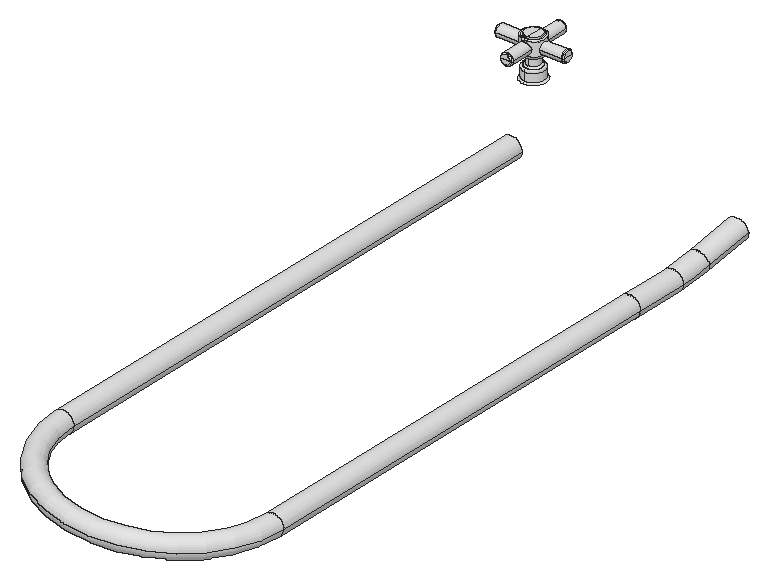
Revit family "Deca_Ducha higiênica com registro e derivação_Izy_1984.37.ACT", category Plumbing Fixtures, host Face, Revit 2020
Family settings
  Host = Face
  Round Connector Dimension = Use Radius
  Part Type = Normal
  Cut with Voids When Loaded = No
  Shared = No
  Room Calculation Point = No
Parameters (values of type "1984.C37.ACT.BR_Cromado")
  Vazão na Pressão mín. (L/min) = "5"
  Vazão na Pressão máx. (L/min) = "15"
  URL = "www.deca.com.br"
  Tipo de rosca de saída = ""
  Tipo de rosca de entrada = "BSP NBR 8133"
  Tipo de mecanismo utilizado = "MVC -1/4 volta"
  Tipo de dispositivo economizador = "Sim"
  Segmento = "Banheiro Médio (D42)"
  Saída de Esgoto = ""
  Raio Água Fria Saída = 0.0075 m  # constant formula
  Raio Água Fria = 0.0075 m  # constant formula
  Pressão mín. funcionamento = "2"
  Pressão mín. Aquec. Passagem = ""
  Pressão mín. Aquec. Acúmulo = ""
  Pressão máx. funcionamento = "40"
  Peso Líquido (Kg) = 0.764
  Norma = "NBR14877"
  Model = "1984.C37.ACT.BR"
  Material Secundário = Deca_Branco
  Material = Deca_Cromado
  Manufacturer = "DECA"
  Linha = "Izy"
  Itens de Instalação = ""
  Informações Complementares = ""
  Default Elevation = 0.70 m
  Diâmetro Água Fria Saída = 2 * Raio Água Fria Saída  # 0.015 m
  Diâmetro Água Fria = 2 * Raio Água Fria  # 0.015 m
  Código Pai = "1984.37.ACT"
  Criado por = "quattroD"
  Cores Componente = ""
  Cor Secundária = "Branco"
  Cor Principal = "Cromado"
  Cor Interna = ""
  Consumo = "Otimização do jato de água"
  Composição Componente = ""
  Composição Básica = "Liga de Cobre (bronze e latão);Plásticos de Engenharia;Elastômeros"
  Composição Assento = ""
  Composição Anel Vedação = ""
  Categoria = "Chuveiros e duchas"
  Atendimento ao Cliente = "0800-0117073"
  Aprovado por = "quattroD"
  Acompanha o Produto = ""
Reference planes (m)
  plane 1 "Center (Front/Back)": y = 0
  plane 2: z = 0
  plane 3 "Center (Left/Right)": x = 0
Forms (m)
  Sweep 1, solid, material "Deca_Cromado" <- "Material"
    path origin (-0.000038, -0.693563, 0.035002) x (0, -1, 0) y (0.996114, 0, -0.088068)
      loop
        line (-0.667097, 0.000001) -> (-0.134541, 0.000001)
        arc (-0.134541, 0.000001) -> (-0.034362, 0.10018) -> (-0.134541, 0.20036) r 0.100179
        line (-0.134541, 0.20036) -> (-0.558206, 0.20036)
    profile origin (-0.000036, -0.292744, 0.035002) x (0.996114, 0, -0.088068) y (0.088068, 0, 0.996114)
      loop
        circle (0, 0) r 0.01
  Sweep 2, solid, material "Deca_Cromado" <- "Material"
    path origin (0.304302, 0.091519, 1.199797) x (0, 1, 0) y (0.088068, 0, 0.996114)
      loop
        arc (-0.227488, -1.187053) -> (-0.201466, -1.187558) -> (-0.175441, -1.187438) r 1.082918
        arc (-0.175441, -1.187438) -> (-0.160125, -1.186443) -> (-0.144977, -1.183979) r 0.159273
        line (-0.144977, -1.183979) -> (-0.099363, -1.175937)
    profile origin (0.199716, -0.109948, 0.016853) x (0.088065, 0.007391, 0.996087) y (0.996114, 0, -0.088068)
      loop
        spline (-0.000077, -0.010216) -> (0.002481, -0.009876) -> (0.004864, -0.008877) -> (0.00691, -0.007287) -> (0.008481, -0.005216) -> (0.009468, -0.002805) -> (0.009804, -0.000216) -> (0.009468, 0.002372) -> (0.008481, 0.004784) -> (0.00691, 0.006855) -> (0.004864, 0.008444) -> (0.002481, 0.009443) -> (-0.000077, 0.009784)
        spline (-0.000077, 0.009784) -> (-0.002634, 0.009443) -> (-0.005017, 0.008444) -> (-0.007064, 0.006855) -> (-0.008634, 0.004784) -> (-0.009621, 0.002372) -> (-0.009958, -0.000216) -> (-0.009621, -0.002805) -> (-0.008634, -0.005216) -> (-0.007064, -0.007287) -> (-0.005017, -0.008877) -> (-0.002634, -0.009876) -> (-0.000077, -0.010216)
  Revolve 3, solid, material "Deca_Cromado" <- "Material"
    sketch origin (0, 0, 0) x (0, 1, 0) y (0, 0, 1)
      loop
        line (-0.008822, 0.104279) -> (-0.006129, 0.104279) -> (-0.006129, 0.096143)
        arc (-0.006129, 0.096143) -> (-0.006503, 0.094877) -> (-0.007583, 0.09412) r 0.002
        line (-0.007583, 0.09412) -> (-0.008662, 0.094044)
        arc (-0.008662, 0.094044) -> (-0.009792, 0.09353) -> (-0.010148, 0.09234) r 0.0015
        line (-0.010148, 0.09234) -> (-0.010148, 0.084538)
        arc (-0.010148, 0.084538) -> (-0.010631, 0.083371) -> (-0.011798, 0.082887) r 0.001651
        line (-0.011798, 0.082887) -> (0, 0.082887) -> (0, 0.121211) -> (-0.008103, 0.121211) -> (-0.008103, 0.12021) -> (-0.009961, 0.12021)
        arc (-0.009961, 0.12021) -> (-0.010666, 0.119918) -> (-0.010958, 0.119213) r 0.000998
        line (-0.010958, 0.119213) -> (-0.010958, 0.106315)
        arc (-0.010958, 0.106315) -> (-0.010338, 0.104827) -> (-0.008822, 0.104279) r 0.002
      axis (0, 0.121211) -> (0, 0.082887)
    angle from 0 to 360
  Revolve 4, solid, material "Deca_Cromado" <- "Material"
    sketch origin (0, 0, 0.112221) x (-1, 0, 0) y (0, -1, 0)
      loop
        line (0.032876, -0.004479) -> (0.032876, 0) -> (-0.032876, 0) -> (-0.032876, -0.004479) -> (-0.031951, -0.005246)
        arc (-0.031951, -0.005246) -> (-0.031604, -0.005444) -> (-0.03121, -0.005513) r 0.00116
        line (-0.03121, -0.005513) -> (0.03121, -0.005513)
        arc (0.03121, -0.005513) -> (0.031604, -0.005444) -> (0.031951, -0.005246) r 0.00116
        line (0.031951, -0.005246) -> (0.032876, -0.004479)
      axis (0.032876, 0) -> (-0.032876, 0)
    angle from 0 to 360
  Revolve 5, solid, material "Deca_Cromado" <- "Material"
    sketch origin (0, 0, 0.112221) x (0, 1, 0) y (-1, 0, 0)
      loop
        line (0.032876, -0.004479) -> (0.032876, 0) -> (-0.032876, 0) -> (-0.032876, -0.004479) -> (-0.031951, -0.005246)
        arc (-0.031951, -0.005246) -> (-0.031604, -0.005444) -> (-0.03121, -0.005513) r 0.00116
        line (-0.03121, -0.005513) -> (0.03121, -0.005513)
        arc (0.03121, -0.005513) -> (0.031604, -0.005444) -> (0.031951, -0.005246) r 0.00116
        line (0.031951, -0.005246) -> (0.032876, -0.004479)
      axis (0.032876, 0) -> (-0.032876, 0)
    angle from 0 to 360
Cuts and joins
  joined: Revolve 3, Revolve 4, Revolve 5
Lines and regions (m)
  Masking region 1
    outline origin (-1.329759, -0.90659, 0.027128) x (0, -1, 0) y (1, 0, 0)
      loop
        line (-0.872718, 1.322756) -> (-0.346268, 1.322756)
        arc (-0.346268, 1.322756) -> (-0.239282, 1.429742) -> (-0.346268, 1.536728) r 0.106986
        line (-0.346268, 1.536728) -> (-0.89859, 1.53673) -> (-0.89859, 1.546735) -> (-0.921226, 1.546735)
        arc (-0.921226, 1.546735) -> (-0.921808, 1.546548) -> (-0.922173, 1.546057) r 0.001
        arc (-0.922173, 1.546057) -> (-0.922781, 1.544144) -> (-0.923312, 1.542208) r 0.050752
        arc (-0.923312, 1.542208) -> (-0.92368, 1.542795) -> (-0.92422, 1.543229) r 0.002071
        line (-0.92422, 1.543229) -> (-0.958041, 1.541582) -> (-0.986034, 1.538272)
        arc (-0.986034, 1.538272) -> (-0.98829, 1.54047) -> (-0.991041, 1.542003) r 0.011964
        arc (-0.991041, 1.542003) -> (-0.992856, 1.54253) -> (-0.994738, 1.542707) r 0.010056
        line (-0.994738, 1.542707) -> (-1.007203, 1.542707)
        arc (-1.007203, 1.542707) -> (-1.01292, 1.541124) -> (-1.017477, 1.537324) r 0.014066
        arc (-1.017477, 1.537324) -> (-1.019818, 1.52983) -> (-1.017585, 1.522302) r 0.013479
        arc (-1.017585, 1.522302) -> (-1.012638, 1.518218) -> (-1.006392, 1.516755) r 0.014066
        line (-1.006392, 1.516755) -> (-0.994467, 1.516755)
        arc (-0.994467, 1.516755) -> (-0.992724, 1.516955) -> (-0.991041, 1.517455) r 0.010056
        arc (-0.991041, 1.517455) -> (-0.98829, 1.518989) -> (-0.986034, 1.521186) r 0.011964
        line (-0.986034, 1.521186) -> (-0.958041, 1.517877) -> (-0.924188, 1.516228)
        arc (-0.924188, 1.516228) -> (-0.923664, 1.516661) -> (-0.923308, 1.51724) r 0.002071
        arc (-0.923308, 1.51724) -> (-0.922778, 1.515313) -> (-0.922173, 1.513408) r 0.050752
        arc (-0.922173, 1.513408) -> (-0.921808, 1.512916) -> (-0.921226, 1.512729) r 0.001
        line (-0.921226, 1.512729) -> (-0.89859, 1.512729) -> (-0.89859, 1.522728) -> (-0.346268, 1.522728)
        arc (-0.346268, 1.522728) -> (-0.253293, 1.429753) -> (-0.346268, 1.336778) r 0.092975
        line (-0.346268, 1.336778) -> (-0.872718, 1.336778) -> (-0.872718, 1.322756)
  Masking region 2
    outline origin (-2.494916, -1.128949, 0) x (1, 0, 0) y (0, 1, 0)
      loop
        line (2.687885, 1.120949) -> (2.687885, 0.568627)
        arc (2.687885, 0.568627) -> (2.59491, 0.475652) -> (2.501935, 0.568627) r 0.092975
        line (2.501935, 0.568627) -> (2.501935, 1.095077) -> (2.505429, 1.095077)
        arc (2.505429, 1.095077) -> (2.506136, 1.09537) -> (2.506429, 1.096077) r 0.001
        line (2.506429, 1.096077) -> (2.506429, 1.101369)
        arc (2.506429, 1.101369) -> (2.518157, 1.11016) -> (2.524296, 1.12347) r 0.029887
        line (2.524296, 1.12347) -> (2.527787, 1.12347) -> (2.527787, 1.134429) -> (2.524296, 1.134429)
        arc (2.524296, 1.134429) -> (2.518379, 1.147462) -> (2.507079, 1.156249) r 0.029887
        line (2.507079, 1.156249) -> (2.507079, 1.163718) -> (2.482752, 1.163718) -> (2.482752, 1.156249)
        arc (2.482752, 1.156249) -> (2.471452, 1.147462) -> (2.465535, 1.134429) r 0.029887
        line (2.465535, 1.134429) -> (2.462044, 1.134429) -> (2.462044, 1.12347) -> (2.465535, 1.12347)
        arc (2.465535, 1.12347) -> (2.471674, 1.11016) -> (2.483402, 1.101369) r 0.029887
        line (2.483402, 1.101369) -> (2.483402, 1.096077)
        arc (2.483402, 1.096077) -> (2.483695, 1.09537) -> (2.484402, 1.095077) r 0.001
        line (2.484402, 1.095077) -> (2.487913, 1.095077) -> (2.487913, 0.568627)
        arc (2.487913, 0.568627) -> (2.594899, 0.461641) -> (2.701885, 0.568627) r 0.106986
        line (2.701885, 0.568627) -> (2.701887, 1.120949) -> (2.711892, 1.120949) -> (2.711892, 1.143585)
        arc (2.711892, 1.143585) -> (2.711705, 1.144168) -> (2.711214, 1.144532) r 0.001
        arc (2.711214, 1.144532) -> (2.709301, 1.14514) -> (2.707365, 1.145672) r 0.050752
        arc (2.707365, 1.145672) -> (2.707952, 1.146039) -> (2.708386, 1.146579) r 0.002071
        line (2.708386, 1.146579) -> (2.706739, 1.1804) -> (2.703429, 1.208393)
        arc (2.703429, 1.208393) -> (2.705627, 1.210649) -> (2.70716, 1.2134) r 0.011964
        arc (2.70716, 1.2134) -> (2.707686, 1.215215) -> (2.707864, 1.217097) r 0.010056
        line (2.707864, 1.217097) -> (2.707864, 1.229562)
        arc (2.707864, 1.229562) -> (2.706281, 1.23528) -> (2.702481, 1.239836) r 0.014066
        arc (2.702481, 1.239836) -> (2.694987, 1.242177) -> (2.687459, 1.239945) r 0.013479
        arc (2.687459, 1.239945) -> (2.683375, 1.234998) -> (2.681912, 1.228752) r 0.014066
        line (2.681912, 1.228752) -> (2.681912, 1.216827)
        arc (2.681912, 1.216827) -> (2.682112, 1.215083) -> (2.682612, 1.2134) r 0.010056
        arc (2.682612, 1.2134) -> (2.684145, 1.210649) -> (2.686343, 1.208393) r 0.011964
        line (2.686343, 1.208393) -> (2.683034, 1.1804) -> (2.681385, 1.146547)
        arc (2.681385, 1.146547) -> (2.681818, 1.146023) -> (2.682397, 1.145668) r 0.002071
        arc (2.682397, 1.145668) -> (2.68047, 1.145138) -> (2.678564, 1.144532) r 0.050752
        arc (2.678564, 1.144532) -> (2.678073, 1.144168) -> (2.677886, 1.143585) r 0.001
        line (2.677886, 1.143585) -> (2.677886, 1.120949) -> (2.687885, 1.120949)
  Masking region 3
    outline origin (0, 0.889897, -0.946899) x (0, 1, 0) y (0, 0, 1)
      loop
        line (-0.967929, 0.958595) -> (-0.917044, 0.964843) -> (-0.919998, 0.988899) -> (-1.459134, 0.988899)
        arc (-1.459134, 0.988899) -> (-1.494779, 0.987965) -> (-1.530326, 0.985168) r 0.681084
        arc (-1.530326, 0.985168) -> (-1.543124, 0.982447) -> (-1.555077, 0.977126) r 0.062585
        arc (-1.555077, 0.977126) -> (-1.55856, 0.969657) -> (-1.552733, 0.963829) r 0.007184
        arc (-1.552733, 0.963829) -> (-1.527922, 0.960342) -> (-1.502929, 0.958595) r 0.35895
        line (-1.502929, 0.958595) -> (-0.967929, 0.958595)
  Masking region 4
    outline origin (0, -3.08512, -1.113058) x (0, 1, 0) y (0, 0, 1)
      loop
        line (3.05502, 1.155058) -> (2.515884, 1.155058)
        arc (2.515884, 1.155058) -> (2.480239, 1.154125) -> (2.444691, 1.151327) r 0.681084
        arc (2.444691, 1.151327) -> (2.431893, 1.148607) -> (2.419941, 1.143285) r 0.062585
        arc (2.419941, 1.143285) -> (2.416458, 1.135816) -> (2.422285, 1.129989) r 0.007184
        arc (2.422285, 1.129989) -> (2.447096, 1.126502) -> (2.472089, 1.124754) r 0.35895
        line (2.472089, 1.124754) -> (3.007089, 1.124754) -> (3.070219, 1.132506)
        arc (3.070219, 1.132506) -> (3.070377, 1.131819) -> (3.070435, 1.131117) r 0.00489
        line (3.070435, 1.131117) -> (3.070435, 1.128511) -> (3.068328, 1.128139) -> (3.06653, 1.127101) -> (3.065452, 1.125816) -> (3.064614, 1.125511)
        arc (3.064614, 1.125511) -> (3.064231, 1.125435) -> (3.063906, 1.125218) r 0.001
        line (3.063906, 1.125218) -> (3.055819, 1.117131)
        arc (3.055819, 1.117131) -> (3.055382, 1.116473) -> (3.055233, 1.115697) r 0.002
        line (3.055233, 1.115697) -> (3.055233, 1.113058) -> (3.115007, 1.113058) -> (3.115007, 1.115716)
        arc (3.115007, 1.115716) -> (3.114855, 1.116482) -> (3.114421, 1.117131) r 0.002
        line (3.114421, 1.117131) -> (3.106334, 1.125218)
        arc (3.106334, 1.125218) -> (3.10601, 1.125435) -> (3.105627, 1.125511) r 0.001
        line (3.105627, 1.125511) -> (3.104789, 1.125816) -> (3.10371, 1.127101) -> (3.101913, 1.128139) -> (3.099805, 1.128511) -> (3.099805, 1.131069)
        arc (3.099805, 1.131069) -> (3.10072, 1.133915) -> (3.10312, 1.135698) r 0.004894
        line (3.10312, 1.135698) -> (3.10312, 1.137883) -> (3.104027, 1.138518) -> (3.105075, 1.132574) -> (3.138588, 1.140154) -> (3.161913, 1.147125) -> (3.172835, 1.123839) -> (3.174418, 1.122925) -> (3.173312, 1.122406) -> (3.176233, 1.118254) -> (3.198496, 1.128695) -> (3.197171, 1.133596) -> (3.196054, 1.133073) -> (3.196374, 1.13488) -> (3.189245, 1.150079)
        arc (3.189245, 1.150079) -> (3.189228, 1.150461) -> (3.189486, 1.150744) r 0.0005
        line (3.189486, 1.150744) -> (3.192105, 1.15197)
        arc (3.192105, 1.15197) -> (3.192364, 1.152253) -> (3.192346, 1.152635) r 0.0005
        line (3.192346, 1.152635) -> (3.188963, 1.159863)
        arc (3.188963, 1.159863) -> (3.188625, 1.160122) -> (3.188201, 1.160075) r 0.00057
        line (3.188201, 1.160075) -> (3.18567, 1.158895)
        arc (3.18567, 1.158895) -> (3.182508, 1.166381) -> (3.177895, 1.173071) r 0.0399
        arc (3.177895, 1.173071) -> (3.177134, 1.17371) -> (3.176207, 1.174066) r 0.003
        arc (3.176207, 1.174066) -> (3.171601, 1.174971) -> (3.166984, 1.175821) r 0.400338
        arc (3.166984, 1.175821) -> (3.148218, 1.178707) -> (3.129336, 1.180699) r 0.4
        line (3.129336, 1.180699) -> (3.128686, 1.178474)
        arc (3.128686, 1.178474) -> (3.128816, 1.17732) -> (3.12973, 1.176604) r 0.0015
        arc (3.12973, 1.176604) -> (3.141299, 1.173255) -> (3.15277, 1.169555) r 0.4
        arc (3.15277, 1.169555) -> (3.157189, 1.167653) -> (3.161252, 1.165076) r 0.03032
        line (3.161252, 1.165076) -> (3.134471, 1.163504) -> (3.10652, 1.159945) -> (3.10312, 1.159512) -> (3.10312, 1.16068)
        arc (3.10312, 1.16068) -> (3.100729, 1.16239) -> (3.09975, 1.165162) r 0.00489
        line (3.09975, 1.165162) -> (3.09975, 1.18637) -> (3.100247, 1.187078) -> (3.100247, 1.195408) -> (3.098983, 1.195945) -> (3.096782, 1.195945)
        arc (3.096782, 1.195945) -> (3.095721, 1.196385) -> (3.095282, 1.197445) r 0.0015
        line (3.095282, 1.197445) -> (3.095282, 1.205602)
        arc (3.095282, 1.205602) -> (3.094842, 1.206663) -> (3.093782, 1.207102) r 0.0015
        line (3.093782, 1.207102) -> (3.092703, 1.207178)
        arc (3.092703, 1.207178) -> (3.091652, 1.207896) -> (3.091247, 1.209102) r 0.002
        line (3.091247, 1.209102) -> (3.091247, 1.217333) -> (3.094079, 1.217333)
        arc (3.094079, 1.217333) -> (3.095657, 1.218104) -> (3.096018, 1.219823) r 0.002
        line (3.096018, 1.219823) -> (3.116984, 1.219823)
        arc (3.116984, 1.219823) -> (3.117699, 1.220112) -> (3.117996, 1.220823) r 0.001
        line (3.117996, 1.220823) -> (3.117996, 1.229782)
        arc (3.117996, 1.229782) -> (3.117703, 1.230489) -> (3.116996, 1.230782) r 0.001
        line (3.116996, 1.230782) -> (3.096079, 1.230782) -> (3.096079, 1.232272)
        arc (3.096079, 1.232272) -> (3.095786, 1.232979) -> (3.095079, 1.233272) r 0.001
        line (3.095079, 1.233272) -> (3.075162, 1.233272)
        arc (3.075162, 1.233272) -> (3.074455, 1.232979) -> (3.074162, 1.232272) r 0.001
        line (3.074162, 1.232272) -> (3.074162, 1.230782) -> (3.053245, 1.230782)
        arc (3.053245, 1.230782) -> (3.052538, 1.230489) -> (3.052245, 1.229782) r 0.001
        line (3.052245, 1.229782) -> (3.052245, 1.220823)
        arc (3.052245, 1.220823) -> (3.052538, 1.220116) -> (3.053245, 1.219823) r 0.001
        line (3.053245, 1.219823) -> (3.074223, 1.219823)
        arc (3.074223, 1.219823) -> (3.074584, 1.218104) -> (3.076162, 1.217333) r 0.002
        line (3.076162, 1.217333) -> (3.078993, 1.217333) -> (3.078993, 1.209102)
        arc (3.078993, 1.209102) -> (3.078588, 1.207896) -> (3.077538, 1.207178) r 0.002
        line (3.077538, 1.207178) -> (3.076459, 1.207102)
        arc (3.076459, 1.207102) -> (3.075398, 1.206663) -> (3.074959, 1.205602) r 0.0015
        line (3.074959, 1.205602) -> (3.074959, 1.197445)
        arc (3.074959, 1.197445) -> (3.074519, 1.196385) -> (3.073459, 1.195945) r 0.0015
        line (3.073459, 1.195945) -> (3.071257, 1.195945) -> (3.069994, 1.195408) -> (3.069994, 1.187078) -> (3.070476, 1.18639) -> (3.070476, 1.165162)
        arc (3.070476, 1.165162) -> (3.069502, 1.162396) -> (3.06712, 1.160684) r 0.00489
        line (3.06712, 1.160684) -> (3.06712, 1.158513) -> (3.06502, 1.157376) -> (3.06502, 1.158183)
        arc (3.06502, 1.158183) -> (3.064723, 1.158901) -> (3.064005, 1.159198) r 0.001015
        line (3.064005, 1.159198) -> (3.056035, 1.159198)
        arc (3.056035, 1.159198) -> (3.055318, 1.158901) -> (3.05502, 1.158183) r 0.001015
        line (3.05502, 1.158183) -> (3.05502, 1.155058)
  Masking region 5
    outline origin (1.490612, 0, -1.004368) x (-1, 0, 0) y (0, 0, 1)
      loop
        arc (1.307639, 1.013188) -> (1.391821, 1.020353) -> (1.475968, 1.027914) r 17.944347
        line (1.475968, 1.027914) -> (1.475968, 1.019827) -> (1.47382, 1.019449) -> (1.472022, 1.018411) -> (1.470944, 1.017125) -> (1.470106, 1.01682)
        arc (1.470106, 1.01682) -> (1.469723, 1.016744) -> (1.469399, 1.016528) r 0.001
        line (1.469399, 1.016528) -> (1.461311, 1.00844)
        arc (1.461311, 1.00844) -> (1.460878, 1.007791) -> (1.460725, 1.007026) r 0.002
        line (1.460725, 1.007026) -> (1.460725, 1.004368) -> (1.520499, 1.004368) -> (1.520499, 1.007006)
        arc (1.520499, 1.007006) -> (1.520351, 1.007782) -> (1.519914, 1.00844) r 0.002
        line (1.519914, 1.00844) -> (1.511826, 1.016528)
        arc (1.511826, 1.016528) -> (1.511502, 1.016744) -> (1.511119, 1.01682) r 0.001
        line (1.511119, 1.01682) -> (1.510281, 1.017125) -> (1.509203, 1.018411) -> (1.507405, 1.019449) -> (1.50536, 1.019809) -> (1.50536, 1.077542) -> (1.505739, 1.078353) -> (1.505739, 1.086718)
        arc (1.505739, 1.086718) -> (1.505048, 1.087116) -> (1.504263, 1.087255) r 0.002297
        line (1.504263, 1.087255) -> (1.502274, 1.087255)
        arc (1.502274, 1.087255) -> (1.501213, 1.087694) -> (1.500774, 1.088755) r 0.0015
        line (1.500774, 1.088755) -> (1.500774, 1.096912)
        arc (1.500774, 1.096912) -> (1.500335, 1.097972) -> (1.499274, 1.098412) r 0.0015
        line (1.499274, 1.098412) -> (1.498109, 1.098514)
        arc (1.498109, 1.098514) -> (1.497117, 1.099241) -> (1.496739, 1.100412) r 0.002
        line (1.496739, 1.100412) -> (1.496739, 1.108642) -> (1.499571, 1.108642)
        arc (1.499571, 1.108642) -> (1.501149, 1.109414) -> (1.50151, 1.111133) r 0.002
        line (1.50151, 1.111133) -> (1.522477, 1.111133)
        arc (1.522477, 1.111133) -> (1.523191, 1.111422) -> (1.523488, 1.112133) r 0.001
        line (1.523488, 1.112133) -> (1.523488, 1.121091)
        arc (1.523488, 1.121091) -> (1.523195, 1.121798) -> (1.522488, 1.122091) r 0.001
        line (1.522488, 1.122091) -> (1.501571, 1.122091) -> (1.501571, 1.123582)
        arc (1.501571, 1.123582) -> (1.501278, 1.124289) -> (1.500571, 1.124582) r 0.001
        line (1.500571, 1.124582) -> (1.498719, 1.124582) -> (1.498719, 1.125578)
        arc (1.498719, 1.125578) -> (1.494685, 1.126174) -> (1.490612, 1.126368) r 0.041142
        arc (1.490612, 1.126368) -> (1.48654, 1.126174) -> (1.482506, 1.125578) r 0.041142
        line (1.482506, 1.125578) -> (1.482506, 1.124582) -> (1.480654, 1.124582)
        arc (1.480654, 1.124582) -> (1.479947, 1.124289) -> (1.479654, 1.123582) r 0.001
        line (1.479654, 1.123582) -> (1.479654, 1.122091) -> (1.458737, 1.122091)
        arc (1.458737, 1.122091) -> (1.45803, 1.121798) -> (1.457737, 1.121091) r 0.001
        line (1.457737, 1.121091) -> (1.457737, 1.112121)
        arc (1.457737, 1.112121) -> (1.458038, 1.111418) -> (1.458748, 1.111133) r 0.001
        line (1.458748, 1.111133) -> (1.479715, 1.111133)
        arc (1.479715, 1.111133) -> (1.480076, 1.109414) -> (1.481654, 1.108642) r 0.002
        line (1.481654, 1.108642) -> (1.484486, 1.108642) -> (1.484486, 1.100412)
        arc (1.484486, 1.100412) -> (1.484107, 1.099241) -> (1.483116, 1.098514) r 0.002
        line (1.483116, 1.098514) -> (1.48169, 1.098389)
        arc (1.48169, 1.098389) -> (1.480802, 1.097876) -> (1.480451, 1.096912) r 0.0015
        line (1.480451, 1.096912) -> (1.480451, 1.088755)
        arc (1.480451, 1.088755) -> (1.480012, 1.087694) -> (1.478951, 1.087255) r 0.0015
        line (1.478951, 1.087255) -> (1.476962, 1.087255)
        arc (1.476962, 1.087255) -> (1.476177, 1.087116) -> (1.475486, 1.086718) r 0.002297
        line (1.475486, 1.086718) -> (1.475486, 1.078353) -> (1.475968, 1.07732) -> (1.475968, 1.048097)
        arc (1.475968, 1.048097) -> (1.391819, 1.040425) -> (1.307639, 1.033094) r 20.819803
        arc (1.307639, 1.033094) -> (1.30666, 1.038629) -> (1.303842, 1.043492) r 0.016139
        line (1.303842, 1.043492) -> (1.303639, 1.04448) -> (1.303441, 1.045438) -> (1.302855, 1.046368) -> (1.301897, 1.04724) -> (1.300598, 1.048028) -> (1.298639, 1.04886) -> (1.298639, 1.06848)
        arc (1.298639, 1.06848) -> (1.297955, 1.070938) -> (1.295639, 1.072009) r 0.00304
        line (1.295639, 1.072009) -> (1.285639, 1.072009)
        arc (1.285639, 1.072009) -> (1.28367, 1.071285) -> (1.282639, 1.069458) r 0.00304
        line (1.282639, 1.069458) -> (1.282639, 1.048808) -> (1.281442, 1.048381) -> (1.279986, 1.047644) -> (1.278854, 1.04681) -> (1.27808, 1.045906) -> (1.277639, 1.04484) -> (1.277418, 1.043409)
        arc (1.277418, 1.043409) -> (1.274613, 1.038587) -> (1.273639, 1.033094) r 0.015966
        line (1.273639, 1.033094) -> (1.273639, 1.004368) -> (1.307639, 1.004368) -> (1.307639, 1.013188)
  symbolic lines
    curve 1: line (0.21347, 0.01763, 0.027128) -> (0.211823, 0.051451, 0.027128)
    curve 2: line (0.188118, 0.051451, 0.027128) -> (0.186469, 0.017597, 0.027128)
    curve 3: line (0.191971, 0.084035, 0.027128) -> (0.188118, 0.051451, 0.027128)
    curve 4: line (0.211823, 0.051451, 0.027128) -> (0.207971, 0.084035, 0.027128)
    curve 5: line (0.207971, 0.081337, 0.027128) -> (0.207971, 0.047262, 0.027128)
    curve 6: line (0.207971, 0.047262, 0.027128) -> (0.207893, 0.045492, 0.027128)
    curve 7: line (0.207893, 0.045492, 0.027128) -> (0.207794, 0.044614, 0.027128)
    curve 8: line (0.207794, 0.044614, 0.027128) -> (0.207651, 0.043743, 0.027128)
    curve 9: line (0.191971, 0.046241, 0.027128) -> (0.191971, 0.08283, 0.027128)
    curve 10: line (0.194971, 0.081863, 0.027128) -> (0.194971, 0.043945, 0.027128)
    curve 11: line (0.204971, 0.043945, 0.027128) -> (0.204971, 0.081863, 0.027128)
    curve 12: line (0.193026, 0.087287, 0.027128) -> (0.192679, 0.086318, 0.027128)
    curve 13: line (0.192679, 0.086318, 0.027128) -> (0.192407, 0.085323, 0.027128)
    curve 14: line (0.192407, 0.085323, 0.027128) -> (0.192205, 0.084312, 0.027128)
    curve 15: line (0.192205, 0.084312, 0.027128) -> (0.192027, 0.08283, 0.027128)
    curve 16: line (0.191971, 0.08283, 0.027128) -> (0.191971, 0.093212, 0.027128)
    curve 17: line (0.207971, 0.093212, 0.027128) -> (0.207971, 0.081337, 0.027128)
    curve 18: line (0.207971, 0.081337, 0.027128) -> (0.207971, 0.046077, 0.027128)
    curve 19: line (0.207971, 0.047262, 0.027128) -> (0.207893, 0.045492, 0.027128)
    curve 20: line (0.207893, 0.045492, 0.027128) -> (0.207794, 0.044614, 0.027128)
    curve 21: line (0.207794, 0.044614, 0.027128) -> (0.207651, 0.043743, 0.027128)
    curve 22: arc (0.207971, 0.093212, 0.027128) -> (0.205456, 0.0985, 0.027128) -> (0.199971, 0.100549, 0.027128) r 0.007801
    curve 23: arc (0.191971, 0.093212, 0.027128) -> (0.194485, 0.0985, 0.027128) -> (0.199971, 0.100549, 0.027128) r 0.007801
    curve 24: line (0.199971, 0.100549, 0.027128) -> (0.199971, 0.091086, 0.027128)
    curve 25: arc (0.199971, 0.092774, 0.027128) -> (0.198341, 0.092575, 0.027128) -> (0.19683, 0.091933, 0.027128) r 0.005871
    curve 26: arc (0.19683, 0.091933, 0.027128) -> (0.194527, 0.089939, 0.027128) -> (0.193026, 0.087287, 0.027128) r 0.008943
    curve 27: arc (0.199971, 0.092774, 0.027128) -> (0.2016, 0.092575, 0.027128) -> (0.203111, 0.091933, 0.027128) r 0.005871
    curve 28: arc (0.203111, 0.091933, 0.027128) -> (0.205414, 0.089939, 0.027128) -> (0.206915, 0.087287, 0.027128) r 0.008943
    curve 29: line (0.206915, 0.087287, 0.027128) -> (0.207262, 0.086318, 0.027128)
    curve 30: line (0.207262, 0.086318, 0.027128) -> (0.207534, 0.085323, 0.027128)
    curve 31: line (0.207534, 0.085323, 0.027128) -> (0.207736, 0.084312, 0.027128)
    curve 32: line (0.207736, 0.084312, 0.027128) -> (0.207914, 0.08283, 0.027128)
    curve 33: arc (0.199971, 0.091086, 0.027128) -> (0.198521, 0.090741, 0.027128) -> (0.197324, 0.089852, 0.027128) r 0.003706
    curve 34: arc (0.197324, 0.089852, 0.027128) -> (0.196139, 0.088122, 0.027128) -> (0.195436, 0.086146, 0.027128) r 0.008141
    curve 35: arc (0.195436, 0.086146, 0.027128) -> (0.195087, 0.084017, 0.027128) -> (0.194971, 0.081863, 0.027128) r 0.01994
    curve 36: arc (0.199971, 0.091086, 0.027128) -> (0.20142, 0.090741, 0.027128) -> (0.202617, 0.089852, 0.027128) r 0.003706
    curve 37: arc (0.202617, 0.089852, 0.027128) -> (0.203802, 0.088122, 0.027128) -> (0.204505, 0.086146, 0.027128) r 0.008141
    curve 38: arc (0.204505, 0.086146, 0.027128) -> (0.204854, 0.084017, 0.027128) -> (0.204971, 0.081863, 0.027128) r 0.01994
    curve 39: arc (0.194971, 0.081863, 0.027128) -> (0.193442, 0.081766, 0.027128) -> (0.191971, 0.081337, 0.027128) r 0.006996
    curve 40: arc (0.204971, 0.081863, 0.027128) -> (0.206499, 0.081766, 0.027128) -> (0.207971, 0.081337, 0.027128) r 0.006996
    curve 41: arc (0.195771, 0.099457, 0.027128) -> (0.19231, 0.097837, 0.027128) -> (0.189512, 0.095235, 0.027128) r 0.01231
    curve 42: arc (0.189512, 0.095235, 0.027128) -> (0.18792, 0.09254, 0.027128) -> (0.187087, 0.089523, 0.027128) r 0.011879
    curve 43: arc (0.187087, 0.089523, 0.027128) -> (0.187065, 0.086948, 0.027128) -> (0.187697, 0.084451, 0.027128) r 0.010056
    curve 44: arc (0.187697, 0.084451, 0.027128) -> (0.18923, 0.0817, 0.027128) -> (0.191428, 0.079444, 0.027128) r 0.011964
    curve 45: arc (0.20417, 0.099457, 0.027128) -> (0.207631, 0.097837, 0.027128) -> (0.210429, 0.095235, 0.027128) r 0.01231
    curve 46: arc (0.210429, 0.095235, 0.027128) -> (0.212021, 0.09254, 0.027128) -> (0.212854, 0.089523, 0.027128) r 0.011879
    curve 47: arc (0.212854, 0.089523, 0.027128) -> (0.212877, 0.086948, 0.027128) -> (0.212244, 0.084451, 0.027128) r 0.010056
    curve 48: arc (0.212244, 0.084451, 0.027128) -> (0.210711, 0.0817, 0.027128) -> (0.208513, 0.079444, 0.027128) r 0.011964
    curve 49: arc (0.199971, 0.111254, 0.027128) -> (0.195655, 0.110532, 0.027128) -> (0.191739, 0.108579, 0.027128) r 0.014792
    curve 50: arc (0.191739, 0.108579, 0.027128) -> (0.188324, 0.104751, 0.027128) -> (0.186975, 0.099802, 0.027128) r 0.011191
    curve 51: arc (0.199971, 0.111254, 0.027128) -> (0.204286, 0.110532, 0.027128) -> (0.208202, 0.108579, 0.027128) r 0.014792
    curve 52: arc (0.208202, 0.108579, 0.027128) -> (0.211533, 0.104903, 0.027128) -> (0.212948, 0.100148, 0.027128) r 0.011191
    curve 53: arc (0.19297, 0.006255, 0.027128) -> (0.199974, 0.005833, 0.027128) -> (0.206977, 0.006255, 0.027128) r 0.05825
    curve 54: arc (0.19297, 0.004571, 0.027128) -> (0.199974, 0.004132, 0.027128) -> (0.206977, 0.004571, 0.027128) r 0.056151
    curve 55: line (0.19297, 0.01376, 0.027128) -> (0.19297, -0.008, 0.027128)
    curve 56: line (0.19297, -0.008, 0.027128) -> (0.182971, -0.008, 0.027128)
    curve 57: line (0.182971, -0.008, 0.027128) -> (0.182971, 0.014636, 0.027128)
    curve 58: arc (0.19297, 0.01376, 0.027128) -> (0.192727, 0.014414, 0.027128) -> (0.192115, 0.01475, 0.027128) r 0.001
    curve 59: arc (0.187484, 0.016719, 0.027128) -> (0.185555, 0.016189, 0.027128) -> (0.183649, 0.015583, 0.027128) r 0.050752
    curve 60: arc (0.182971, 0.014636, 0.027128) -> (0.183158, 0.015218, 0.027128) -> (0.183649, 0.015583, 0.027128) r 0.001
    curve 61: arc (0.192115, 0.01475, 0.027128) -> (0.19019, 0.015129, 0.027128) -> (0.188312, 0.015698, 0.027128) r 0.019731
    curve 62: arc (0.188312, 0.015698, 0.027128) -> (0.187794, 0.016124, 0.027128) -> (0.187484, 0.016719, 0.027128) r 0.001681
    curve 63: line (0.206977, 0.01376, 0.027128) -> (0.206977, -0.008, 0.027128)
    curve 64: line (0.206977, -0.008, 0.027128) -> (0.216976, -0.008, 0.027128)
    curve 65: line (0.216976, -0.008, 0.027128) -> (0.216976, 0.014636, 0.027128)
    curve 66: arc (0.206977, 0.01376, 0.027128) -> (0.20722, 0.014414, 0.027128) -> (0.207832, 0.01475, 0.027128) r 0.001
    curve 67: arc (0.212463, 0.016719, 0.027128) -> (0.214392, 0.016189, 0.027128) -> (0.216298, 0.015583, 0.027128) r 0.050752
    curve 68: arc (0.216976, 0.014636, 0.027128) -> (0.216789, 0.015218, 0.027128) -> (0.216298, 0.015583, 0.027128) r 0.001
    curve 69: arc (0.207832, 0.01475, 0.027128) -> (0.209757, 0.015129, 0.027128) -> (0.211635, 0.015698, 0.027128) r 0.019731
    curve 70: arc (0.211635, 0.015698, 0.027128) -> (0.212153, 0.016124, 0.027128) -> (0.212463, 0.016719, 0.027128) r 0.001681
    curve 71: line (0.192133, 0.043547, 0.027128) -> (0.207813, 0.043547, 0.027128)
    curve 72: arc (0.192133, 0.043547, 0.027128) -> (0.192028, 0.044893, 0.027128) -> (0.191971, 0.046241, 0.027128) r 0.038017
    curve 73: arc (0.207813, 0.043547, 0.027128) -> (0.207913, 0.044811, 0.027128) -> (0.207971, 0.046077, 0.027128) r 0.038017
    curve 74: arc (0.21347, 0.01763, 0.027128) -> (0.212936, 0.017005, 0.027128) -> (0.2122, 0.016638, 0.027128) r 0.002071
    curve 75: arc (0.2122, 0.016638, 0.027128) -> (0.199961, 0.01527, 0.027128) -> (0.187721, 0.016638, 0.027128) r 0.055458
    curve 76: arc (0.186469, 0.017597, 0.027128) -> (0.187, 0.016994, 0.027128) -> (0.187721, 0.016638, 0.027128) r 0.002071
    curve 77: arc (0.191971, 0.049889, 0.027128) -> (0.190352, 0.050187, 0.027128) -> (0.188797, 0.050721, 0.027128) r 0.011039
    curve 78: arc (0.188797, 0.050721, 0.027128) -> (0.188377, 0.051005, 0.027128) -> (0.188093, 0.051424, 0.027128) r 0.001341
    curve 79: arc (0.207971, 0.049889, 0.027128) -> (0.209591, 0.050186, 0.027128) -> (0.211149, 0.050721, 0.027128) r 0.011039
    curve 80: arc (0.211149, 0.050721, 0.027128) -> (0.211568, 0.051005, 0.027128) -> (0.211852, 0.051424, 0.027128) r 0.001341
    curve 81: arc (0.192133, 0.043547, 0.027128) -> (0.199973, 0.044216, 0.027128) -> (0.207813, 0.043547, 0.027128) r 0.046313
    curve 82: line (-0.007003, -0.065535, 0.027128) -> (-0.007003, -0.560322, 0.027128)
    curve 83: line (0.00702, -0.065522, 0.027128) -> (0.00702, -0.560322, 0.027128)
    curve 84: line (-0.010003, -0.0693, 0.027128) -> (0.009997, -0.0693, 0.027128)
    curve 85: line (-0.010003, -0.0768, 0.027128) -> (0.009997, -0.0768, 0.027128)
    curve 86: line (-0.010003, -0.0843, 0.027128) -> (0.009997, -0.0843, 0.027128)
    curve 87: line (-0.010003, -0.0918, 0.027128) -> (0.009997, -0.0918, 0.027128)
    curve 88: line (-0.010003, -0.0993, 0.027128) -> (0.009997, -0.0993, 0.027128)
    curve 89: line (-0.010003, -0.1068, 0.027128) -> (0.009997, -0.1068, 0.027128)
    curve 90: line (-0.010003, -0.1143, 0.027128) -> (0.009997, -0.1143, 0.027128)
    curve 91: line (-0.010003, -0.1218, 0.027128) -> (0.009997, -0.1218, 0.027128)
    curve 92: line (-0.010003, -0.1293, 0.027128) -> (0.009997, -0.1293, 0.027128)
    curve 93: line (-0.010003, -0.1368, 0.027128) -> (0.009997, -0.1368, 0.027128)
    curve 94: line (-0.010003, -0.1443, 0.027128) -> (0.009997, -0.1443, 0.027128)
    curve 95: line (-0.010003, -0.1518, 0.027128) -> (0.009997, -0.1518, 0.027128)
    curve 96: line (-0.010003, -0.1593, 0.027128) -> (0.009997, -0.1593, 0.027128)
    curve 97: line (-0.010003, -0.1668, 0.027128) -> (0.009997, -0.1668, 0.027128)
    curve 98: line (-0.010003, -0.1743, 0.027128) -> (0.009997, -0.1743, 0.027128)
    curve 99: line (-0.010003, -0.1818, 0.027128) -> (0.009997, -0.1818, 0.027128)
    curve 100: line (-0.010003, -0.1893, 0.027128) -> (0.009997, -0.1893, 0.027128)
    curve 101: line (-0.010003, -0.1968, 0.027128) -> (0.009997, -0.1968, 0.027128)
    curve 102: line (-0.010003, -0.2043, 0.027128) -> (0.009997, -0.2043, 0.027128)
    curve 103: line (-0.010003, -0.2118, 0.027128) -> (0.009997, -0.2118, 0.027128)
    curve 104: line (-0.010003, -0.2193, 0.027128) -> (0.009997, -0.2193, 0.027128)
    curve 105: line (-0.010003, -0.2268, 0.027128) -> (0.009997, -0.2268, 0.027128)
    curve 106: line (-0.010003, -0.2343, 0.027128) -> (0.009997, -0.2343, 0.027128)
    curve 107: line (-0.010003, -0.2418, 0.027128) -> (0.009997, -0.2418, 0.027128)
    curve 108: line (-0.010003, -0.2493, 0.027128) -> (0.009997, -0.2493, 0.027128)
    curve 109: line (-0.010003, -0.2568, 0.027128) -> (0.009997, -0.2568, 0.027128)
    curve 110: line (-0.010003, -0.2643, 0.027128) -> (0.009997, -0.2643, 0.027128)
    curve 111: line (-0.010003, -0.2718, 0.027128) -> (0.009997, -0.2718, 0.027128)
    curve 112: line (-0.010003, -0.2793, 0.027128) -> (0.009997, -0.2793, 0.027128)
    curve 113: line (-0.010003, -0.2868, 0.027128) -> (0.009997, -0.2868, 0.027128)
    curve 114: line (-0.010003, -0.2943, 0.027128) -> (0.009997, -0.2943, 0.027128)
    curve 115: line (-0.010003, -0.3018, 0.027128) -> (0.009997, -0.3018, 0.027128)
    curve 116: line (-0.010003, -0.3093, 0.027128) -> (0.009997, -0.3093, 0.027128)
    curve 117: line (-0.010003, -0.3168, 0.027128) -> (0.009997, -0.3168, 0.027128)
    curve 118: line (-0.010003, -0.3243, 0.027128) -> (0.009997, -0.3243, 0.027128)
    curve 119: line (-0.010003, -0.3318, 0.027128) -> (0.009997, -0.3318, 0.027128)
    curve 120: line (-0.010003, -0.3393, 0.027128) -> (0.009997, -0.3393, 0.027128)
    curve 121: line (-0.010003, -0.3468, 0.027128) -> (0.009997, -0.3468, 0.027128)
    curve 122: line (-0.010003, -0.3543, 0.027128) -> (0.009997, -0.3543, 0.027128)
    curve 123: line (-0.010003, -0.3618, 0.027128) -> (0.009997, -0.3618, 0.027128)
    curve 124: line (-0.010003, -0.3693, 0.027128) -> (0.009997, -0.3693, 0.027128)
    curve 125: line (-0.010003, -0.3768, 0.027128) -> (0.009997, -0.3768, 0.027128)
    curve 126: line (-0.010003, -0.3843, 0.027128) -> (0.009997, -0.3843, 0.027128)
    curve 127: line (-0.010003, -0.3918, 0.027128) -> (0.009997, -0.3918, 0.027128)
    curve 128: line (-0.010003, -0.3993, 0.027128) -> (0.009997, -0.3993, 0.027128)
    curve 129: line (-0.010003, -0.4068, 0.027128) -> (0.009997, -0.4068, 0.027128)
    curve 130: line (-0.010003, -0.4143, 0.027128) -> (0.009997, -0.4143, 0.027128)
    curve 131: line (-0.010003, -0.4218, 0.027128) -> (0.009997, -0.4218, 0.027128)
    curve 132: line (-0.010003, -0.4293, 0.027128) -> (0.009997, -0.4293, 0.027128)
    curve 133: line (-0.010003, -0.4368, 0.027128) -> (0.009997, -0.4368, 0.027128)
    curve 134: line (-0.010003, -0.4443, 0.027128) -> (0.009997, -0.4443, 0.027128)
    curve 135: line (-0.010003, -0.4518, 0.027128) -> (0.009997, -0.4518, 0.027128)
    curve 136: line (-0.010003, -0.4593, 0.027128) -> (0.009997, -0.4593, 0.027128)
    curve 137: line (-0.010003, -0.4668, 0.027128) -> (0.009997, -0.4668, 0.027128)
    curve 138: line (-0.010003, -0.4743, 0.027128) -> (0.009997, -0.4743, 0.027128)
    curve 139: line (-0.010003, -0.4818, 0.027128) -> (0.009997, -0.4818, 0.027128)
    curve 140: line (-0.010003, -0.4893, 0.027128) -> (0.009997, -0.4893, 0.027128)
    curve 141: line (-0.010003, -0.4968, 0.027128) -> (0.009997, -0.4968, 0.027128)
    curve 142: line (-0.010003, -0.5043, 0.027128) -> (0.009997, -0.5043, 0.027128)
    curve 143: line (-0.010003, -0.5118, 0.027128) -> (0.009997, -0.5118, 0.027128)
    curve 144: line (-0.010003, -0.5193, 0.027128) -> (0.009997, -0.5193, 0.027128)
    curve 145: line (-0.010003, -0.5268, 0.027128) -> (0.009997, -0.5268, 0.027128)
    curve 146: line (-0.010003, -0.5343, 0.027128) -> (0.009997, -0.5343, 0.027128)
    curve 147: line (-0.010003, -0.5418, 0.027128) -> (0.009997, -0.5418, 0.027128)
    curve 148: line (-0.010003, -0.5493, 0.027128) -> (0.009997, -0.5493, 0.027128)
    curve 149: line (-0.010003, -0.5568, 0.027128) -> (0.009997, -0.5568, 0.027128)
    curve 150: line (-0.010003, -0.5643, 0.027128) -> (0.009997, -0.5643, 0.027128)
    curve 151: line (0.189971, -0.036479, 0.027128) -> (0.209971, -0.036479, 0.027128)
    curve 152: line (0.189971, -0.043979, 0.027128) -> (0.209971, -0.043979, 0.027128)
    curve 153: line (0.189971, -0.051479, 0.027128) -> (0.209971, -0.051479, 0.027128)
    curve 154: line (0.189971, -0.058979, 0.027128) -> (0.209971, -0.058979, 0.027128)
    curve 155: line (0.189971, -0.066479, 0.027128) -> (0.209971, -0.066479, 0.027128)
    curve 156: line (0.189971, -0.073979, 0.027128) -> (0.209971, -0.073979, 0.027128)
    curve 157: line (0.189971, -0.081479, 0.027128) -> (0.209971, -0.081479, 0.027128)
    curve 158: line (0.189971, -0.088979, 0.027128) -> (0.209971, -0.088979, 0.027128)
    curve 159: line (0.189971, -0.096479, 0.027128) -> (0.209971, -0.096479, 0.027128)
    curve 160: line (0.189971, -0.103979, 0.027128) -> (0.209971, -0.103979, 0.027128)
    curve 161: line (0.189971, -0.111479, 0.027128) -> (0.209971, -0.111479, 0.027128)
    curve 162: line (0.189971, -0.118979, 0.027128) -> (0.209971, -0.118979, 0.027128)
    curve 163: line (0.189971, -0.126479, 0.027128) -> (0.209971, -0.126479, 0.027128)
    curve 164: line (0.189971, -0.133979, 0.027128) -> (0.209971, -0.133979, 0.027128)
    curve 165: line (0.189971, -0.141479, 0.027128) -> (0.209971, -0.141479, 0.027128)
    curve 166: line (0.189971, -0.148979, 0.027128) -> (0.209971, -0.148979, 0.027128)
    curve 167: line (0.189971, -0.156479, 0.027128) -> (0.209971, -0.156479, 0.027128)
    curve 168: line (0.189971, -0.163979, 0.027128) -> (0.209971, -0.163979, 0.027128)
    curve 169: line (0.189971, -0.171479, 0.027128) -> (0.209971, -0.171479, 0.027128)
    curve 170: line (0.189971, -0.178979, 0.027128) -> (0.209971, -0.178979, 0.027128)
    curve 171: line (0.189971, -0.186479, 0.027128) -> (0.209971, -0.186479, 0.027128)
    curve 172: line (0.189971, -0.193979, 0.027128) -> (0.209971, -0.193979, 0.027128)
    curve 173: line (0.189971, -0.201479, 0.027128) -> (0.209971, -0.201479, 0.027128)
    curve 174: line (0.189971, -0.208979, 0.027128) -> (0.209971, -0.208979, 0.027128)
    curve 175: line (0.189971, -0.216479, 0.027128) -> (0.209971, -0.216479, 0.027128)
    curve 176: line (0.189971, -0.223979, 0.027128) -> (0.209971, -0.223979, 0.027128)
    curve 177: line (0.189971, -0.231479, 0.027128) -> (0.209971, -0.231479, 0.027128)
    curve 178: line (0.189971, -0.238979, 0.027128) -> (0.209971, -0.238979, 0.027128)
    curve 179: line (0.189971, -0.246479, 0.027128) -> (0.209971, -0.246479, 0.027128)
    curve 180: line (0.189971, -0.253979, 0.027128) -> (0.209971, -0.253979, 0.027128)
    curve 181: line (0.189971, -0.261479, 0.027128) -> (0.209971, -0.261479, 0.027128)
    curve 182: line (0.189971, -0.268979, 0.027128) -> (0.209971, -0.268979, 0.027128)
    curve 183: line (0.189971, -0.276479, 0.027128) -> (0.209971, -0.276479, 0.027128)
    curve 184: line (0.189971, -0.283979, 0.027128) -> (0.209971, -0.283979, 0.027128)
    curve 185: line (0.189971, -0.291479, 0.027128) -> (0.209971, -0.291479, 0.027128)
    curve 186: line (0.189971, -0.298979, 0.027128) -> (0.209971, -0.298979, 0.027128)
    curve 187: line (0.189971, -0.306479, 0.027128) -> (0.209971, -0.306479, 0.027128)
    curve 188: line (0.189971, -0.313979, 0.027128) -> (0.209971, -0.313979, 0.027128)
    curve 189: line (0.189971, -0.321479, 0.027128) -> (0.209971, -0.321479, 0.027128)
    curve 190: line (0.189971, -0.328979, 0.027128) -> (0.209971, -0.328979, 0.027128)
    curve 191: line (0.189971, -0.336479, 0.027128) -> (0.209971, -0.336479, 0.027128)
    curve 192: line (0.189971, -0.343979, 0.027128) -> (0.209971, -0.343979, 0.027128)
    curve 193: line (0.189971, -0.351479, 0.027128) -> (0.209971, -0.351479, 0.027128)
    curve 194: line (0.189971, -0.358979, 0.027128) -> (0.209971, -0.358979, 0.027128)
    curve 195: line (0.189971, -0.366479, 0.027128) -> (0.209971, -0.366479, 0.027128)
    curve 196: line (0.189971, -0.373979, 0.027128) -> (0.209971, -0.373979, 0.027128)
    curve 197: line (0.189971, -0.381479, 0.027128) -> (0.209971, -0.381479, 0.027128)
    curve 198: line (0.189971, -0.388979, 0.027128) -> (0.209971, -0.388979, 0.027128)
    curve 199: line (0.189971, -0.396479, 0.027128) -> (0.209971, -0.396479, 0.027128)
    curve 200: line (0.189971, -0.403979, 0.027128) -> (0.209971, -0.403979, 0.027128)
    curve 201: line (0.189971, -0.411479, 0.027128) -> (0.209971, -0.411479, 0.027128)
    curve 202: line (0.189971, -0.418979, 0.027128) -> (0.209971, -0.418979, 0.027128)
    curve 203: line (0.189971, -0.426479, 0.027128) -> (0.209971, -0.426479, 0.027128)
    curve 204: line (0.189971, -0.433979, 0.027128) -> (0.209971, -0.433979, 0.027128)
    curve 205: line (0.189971, -0.441479, 0.027128) -> (0.209971, -0.441479, 0.027128)
    curve 206: line (0.189971, -0.448979, 0.027128) -> (0.209971, -0.448979, 0.027128)
    curve 207: line (0.189971, -0.456479, 0.027128) -> (0.209971, -0.456479, 0.027128)
    curve 208: line (0.189971, -0.463979, 0.027128) -> (0.209971, -0.463979, 0.027128)
    curve 209: line (0.189971, -0.471479, 0.027128) -> (0.209971, -0.471479, 0.027128)
    curve 210: line (0.189971, -0.478979, 0.027128) -> (0.209971, -0.478979, 0.027128)
    curve 211: line (0.189971, -0.486479, 0.027128) -> (0.209971, -0.486479, 0.027128)
    curve 212: line (0.189971, -0.493979, 0.027128) -> (0.209971, -0.493979, 0.027128)
    curve 213: line (0.189971, -0.501479, 0.027128) -> (0.209971, -0.501479, 0.027128)
    curve 214: line (0.189971, -0.508979, 0.027128) -> (0.209971, -0.508979, 0.027128)
    curve 215: line (0.189971, -0.516479, 0.027128) -> (0.209971, -0.516479, 0.027128)
    curve 216: line (0.189971, -0.523979, 0.027128) -> (0.209971, -0.523979, 0.027128)
    curve 217: line (0.189971, -0.531479, 0.027128) -> (0.209971, -0.531479, 0.027128)
    curve 218: line (0.189971, -0.538979, 0.027128) -> (0.209971, -0.538979, 0.027128)
    curve 219: line (0.189971, -0.546479, 0.027128) -> (0.209971, -0.546479, 0.027128)
    curve 220: line (0.189971, -0.553979, 0.027128) -> (0.209971, -0.553979, 0.027128)
    curve 221: line (0.189971, -0.558979, 0.027128) -> (0.209971, -0.558979, 0.027128)
    curve 222: line (0.189886, -0.564191, 0.027128) -> (0.209838, -0.565587, 0.027128)
    curve 223: line (0.189439, -0.570582, 0.027128) -> (0.209245, -0.573366, 0.027128)
    curve 224: line (0.188364, -0.576928, 0.027128) -> (0.207927, -0.581086, 0.027128)
    curve 225: line (0.187034, -0.583188, 0.027128) -> (0.206306, -0.588714, 0.027128)
    curve 226: line (0.185094, -0.589219, 0.027128) -> (0.203888, -0.596059, 0.027128)
    curve 227: line (0.182812, -0.595184, 0.027128) -> (0.20094, -0.603637, 0.027128)
    curve 228: line (0.180089, -0.601023, 0.027128) -> (0.197626, -0.610744, 0.027128)
    curve 229: line (0.177039, -0.606526, 0.027128) -> (0.193896, -0.617473, 0.027128)
    curve 230: line (0.173596, -0.611827, 0.027128) -> (0.18957, -0.623864, 0.027128)
    curve 231: line (0.1698, -0.616865, 0.027128) -> (0.184932, -0.630019, 0.027128)
    curve 232: line (0.165663, -0.621623, 0.027128) -> (0.179876, -0.635836, 0.027128)
    curve 233: line (0.16121, -0.626077, 0.027128) -> (0.174428, -0.641283, 0.027128)
    curve 234: line (0.15646, -0.630206, 0.027128) -> (0.168348, -0.646569, 0.027128)
    curve 235: line (0.151015, -0.634162, 0.027128) -> (0.162332, -0.65094, 0.027128)
    curve 236: line (0.145636, -0.63779, 0.027128) -> (0.155636, -0.655111, 0.027128)
    curve 237: line (0.140087, -0.640735, 0.027128) -> (0.148974, -0.658957, 0.027128)
    curve 238: line (0.134298, -0.643377, 0.027128) -> (0.14179, -0.661922, 0.027128)
    curve 239: line (0.128337, -0.645602, 0.027128) -> (0.134517, -0.664623, 0.027128)
    curve 240: line (0.122235, -0.647398, 0.027128) -> (0.127074, -0.666804, 0.027128)
    curve 241: line (0.116022, -0.648757, 0.027128) -> (0.119192, -0.668769, 0.027128)
    curve 242: line (0.109851, -0.649735, 0.027128) -> (0.111595, -0.669659, 0.027128)
    curve 243: line (0.103292, -0.650309, 0.027128) -> (0.104069, -0.670317, 0.027128)
    curve 244: line (0.09703, -0.650155, 0.027128) -> (0.095984, -0.670128, 0.027128)
    curve 245: line (0.090687, -0.649721, 0.027128) -> (0.088231, -0.669722, 0.027128)
    curve 246: line (0.084676, -0.648983, 0.027128) -> (0.08047, -0.668769, 0.027128)
    curve 247: line (0.078166, -0.647599, 0.027128) -> (0.072923, -0.667165, 0.027128)
    curve 248: line (0.072059, -0.645743, 0.027128) -> (0.065548, -0.664654, 0.027128)
    curve 249: line (0.066095, -0.64369, 0.027128) -> (0.05793, -0.662031, 0.027128)
    curve 250: line (0.060435, -0.64117, 0.027128) -> (0.050987, -0.658939, 0.027128)
    curve 251: line (0.054719, -0.638131, 0.027128) -> (0.044206, -0.654956, 0.027128)
    curve 252: line (0.0493, -0.634509, 0.027128) -> (0.037493, -0.650761, 0.027128)
    curve 253: line (0.044288, -0.630868, 0.027128) -> (0.031344, -0.646294, 0.027128)
    curve 254: line (0.039244, -0.626635, 0.027128) -> (0.02495, -0.640929, 0.027128)
    curve 255: line (0.034781, -0.622122, 0.027128) -> (0.019918, -0.635505, 0.027128)
    curve 256: line (0.030561, -0.617341, 0.027128) -> (0.014947, -0.629984, 0.027128)
    curve 257: line (0.026687, -0.612272, 0.027128) -> (0.009818, -0.62365, 0.027128)
    curve 258: line (0.023191, -0.607089, 0.027128) -> (0.005806, -0.616847, 0.027128)
    curve 259: line (0.019989, -0.601383, 0.027128) -> (0.002172, -0.610372, 0.027128)
    curve 260: line (0.017332, -0.595597, 0.027128) -> (-0.001569, -0.602958, 0.027128)
    curve 261: line (0.015056, -0.589752, 0.027128) -> (-0.00407, -0.595599, 0.027128)
    curve 262: line (0.013037, -0.583149, 0.027128) -> (-0.006293, -0.588328, 0.027128)
    curve 263: line (0.011681, -0.577316, 0.027128) -> (-0.008016, -0.580789, 0.027128)
    curve 264: line (0.010577, -0.571055, 0.027128) -> (-0.009363, -0.57315, 0.027128)
    curve 265: arc (0.00702, -0.560322, 0.027128) -> (0.099994, -0.653297, 0.027128) -> (0.192969, -0.560322, 0.027128) r 0.092975
    curve 266: arc (-0.007003, -0.560322, 0.027128) -> (0.099983, -0.667308, 0.027128) -> (0.206969, -0.560322, 0.027128) r 0.106986
    curve 267: line (0.189971, -0.028979, 0.027128) -> (0.209971, -0.028979, 0.027128)
    curve 268: line (0.189971, -0.021479, 0.027128) -> (0.209971, -0.021479, 0.027128)
    curve 269: line (0.189971, -0.013979, 0.027128) -> (0.209971, -0.013979, 0.027128)
    curve 270: line (0.19297, -0.006479, 0.027128) -> (0.206977, -0.006479, 0.027128)
    curve 271: line (0.186975, 0.099802, 0.027128) -> (0.186975, 0.08802, 0.027128)
    curve 272: line (0.212948, 0.088148, 0.027128) -> (0.212948, 0.100148, 0.027128)
    curve 273: arc (0.194471, 0.105828, 0.027128) -> (0.199971, 0.107277, 0.027128) -> (0.205471, 0.105828, 0.027128) r 0.011158
    curve 274: line (0.194471, 0.105828, 0.027128) -> (0.194471, 0.099, 0.027128)
    curve 275: line (0.205471, 0.105828, 0.027128) -> (0.205471, 0.099, 0.027128)
    curve 276: arc (0.194471, 0.102623, 0.027128) -> (0.199971, 0.10379, 0.027128) -> (0.205471, 0.102623, 0.027128) r 0.013538
    curve 277: arc (0.194471, 0.101939, 0.027128) -> (0.199971, 0.103136, 0.027128) -> (0.205471, 0.101939, 0.027128) r 0.013233
    curve 278: arc (0.186975, 0.099802, 0.027128) -> (0.188399, 0.105969, 0.027128) -> (0.192381, 0.110887, 0.027128) r 0.014066
    curve 279: arc (0.192381, 0.110887, 0.027128) -> (0.199973, 0.113228, 0.027128) -> (0.207566, 0.110887, 0.027128) r 0.013479
    curve 280: arc (0.212948, 0.100613, 0.027128) -> (0.211365, 0.10633, 0.027128) -> (0.207566, 0.110887, 0.027128) r 0.014066
    curve 281: line (-0.00949, 0.005479, 0) -> (-0.032871, 0.005479, 0)
    curve 282: line (-0.032871, -0.005479, 0) -> (-0.00949, -0.005479, 0)
    curve 283: arc (-0.02938, -0.005479, 0) -> (-0.023242, -0.018789, 0) -> (-0.011513, -0.02758, 0) r 0.029887
    curve 284: arc (-0.011706, 0.027499, 0) -> (-0.023307, 0.018708, 0) -> (-0.02938, 0.005479, 0) r 0.029887
    curve 285: arc (-0.012453, 0.017174, 0) -> (-0.01748, 0.012019, 0) -> (-0.020494, 0.005479, 0) r 0.021214
    curve 286: arc (0.020494, 0.005479, 0) -> (0.01748, 0.012019, 0) -> (0.012453, 0.017174, 0) r 0.021214
    curve 287: arc (-0.020494, -0.005479, 0) -> (-0.01748, -0.012019, 0) -> (-0.012453, -0.017174, 0) r 0.021214
    curve 288: arc (0.012453, -0.017174, 0) -> (0.01748, -0.012019, 0) -> (0.020494, -0.005479, 0) r 0.021214
    curve 289: line (-0.012453, -0.009257, 0) -> (-0.012453, -0.021917, 0)
    curve 290: line (-0.012453, -0.021917, 0) -> (-0.005479, -0.021917, 0)
    curve 291: line (0.005479, -0.021917, 0) -> (0.012453, -0.021917, 0)
    curve 292: line (0.012453, -0.021917, 0) -> (0.012453, -0.009257, 0)
    curve 293: arc (-0.005479, -0.01897, 0) -> (-0.00976, -0.014684, 0) -> (-0.012453, -0.009257, 0) r 0.018775
    curve 294: arc (0.005479, -0.01897, 0) -> (0.00976, -0.014684, 0) -> (0.012453, -0.009257, 0) r 0.018775
    curve 295: circle (0, 0, 0) r 0.008106 normal (0, 0, 1)
    curve 296: circle (0, 0, 0) r 0.010959 normal (0, 0, 1)
    curve 297: line (-0.032871, 0.005479, 0) -> (-0.032871, -0.005479, 0)
    curve 298: line (0.00949, 0.005479, 0) -> (0.032871, 0.005479, 0)
    curve 299: line (0.032871, -0.005479, 0) -> (0.00949, -0.005479, 0)
    curve 300: line (0.032871, 0.005479, 0) -> (0.032871, -0.005479, 0)
    curve 301: line (-0.005479, 0.00949, 0) -> (-0.005479, 0.032868, 0)
    curve 302: line (0.005479, 0.032868, 0) -> (-0.005479, 0.032868, 0)
    curve 303: line (0.005479, 0.00949, 0) -> (0.005479, 0.032868, 0)
    curve 304: arc (-0.012453, 0.009257, 0) -> (-0.009836, 0.014702, 0) -> (-0.005479, 0.018888, 0) r 0.016998
    curve 305: line (-0.005479, 0.021917, 0) -> (-0.012453, 0.021917, 0)
    curve 306: line (-0.012453, 0.021917, 0) -> (-0.012453, 0.009257, 0)
    curve 307: arc (0.012453, 0.009257, 0) -> (0.009836, 0.014702, 0) -> (0.005479, 0.018888, 0) r 0.016998
    curve 308: line (0.005479, 0.021917, 0) -> (0.012453, 0.021917, 0)
    curve 309: line (0.012453, 0.021917, 0) -> (0.012453, 0.009257, 0)
    curve 310: line (-0.005479, -0.00949, 0) -> (-0.005479, -0.032876, 0)
    curve 311: line (0.005479, -0.032876, 0) -> (0.005479, -0.00949, 0)
    curve 312: line (-0.005479, -0.032876, 0) -> (0.005479, -0.032876, 0)
    curve 313: line (-0.011513, -0.021917, 0) -> (-0.011513, -0.030883, 0)
    curve 314: line (-0.011513, -0.030883, 0) -> (-0.005479, -0.030883, 0)
    curve 315: line (0.011513, -0.021917, 0) -> (0.011513, -0.030883, 0)
    curve 316: line (0.011513, -0.030883, 0) -> (0.005479, -0.030883, 0)
    curve 317: arc (0.02938, -0.005479, 0) -> (0.023242, -0.018789, 0) -> (0.011513, -0.02758, 0) r 0.029887
    curve 318: arc (0.011706, 0.027499, 0) -> (0.023307, 0.018708, 0) -> (0.02938, 0.005479, 0) r 0.029887
    curve 319: line (-0.010291, 0.021917, 0) -> (-0.010291, 0.025304, 0)
    curve 320: line (-0.005479, 0.025304, 0) -> (-0.011706, 0.025304, 0)
    curve 321: line (-0.011706, 0.025304, 0) -> (-0.011706, 0.028791, 0)
    curve 322: line (-0.012164, 0.028791, 0) -> (-0.005479, 0.028791, 0)
    curve 323: line (0.005479, 0.025304, 0) -> (0.011706, 0.025304, 0)
    curve 324: line (0.011706, 0.025304, 0) -> (0.011706, 0.028791, 0)
    curve 325: line (0.012164, 0.028791, 0) -> (0.005479, 0.028791, 0)
    curve 326: line (0.010291, 0.025304, 0) -> (0.010291, 0.021917, 0)
    curve 327: line (-0.012164, 0.034768, 0) -> (0.012164, 0.034768, 0)
    curve 328: line (0.012164, 0.034768, 0) -> (0.012164, 0.028791, 0)
    curve 329: line (-0.012164, 0.034768, 0) -> (-0.012164, 0.028791, 0)
    curve 330: line (-0.010003, -0.0618, 0.027128) -> (0.009997, -0.0618, 0.027128)
    curve 331: line (-0.010003, -0.0543, 0.027128) -> (0.009997, -0.0543, 0.027128)
    curve 332: line (-0.010003, -0.0468, 0.027128) -> (0.009997, -0.0468, 0.027128)
    curve 333: line (-0.010003, -0.0393, 0.027128) -> (0.009997, -0.0393, 0.027128)
    curve 334: arc (-0.011015, -0.032872, 0) -> (-0.010722, -0.033579, 0) -> (-0.010015, -0.033872, 0) r 0.001
    curve 335: line (0.010015, -0.033872, 0) -> (-0.010015, -0.033872, 0)
    curve 336: arc (0.010015, -0.033872, 0) -> (0.010722, -0.033579, 0) -> (0.011015, -0.032872, 0) r 0.001
    curve 337: line (0.011015, -0.032872, 0) -> (0.011015, -0.030883, 0)
    curve 338: line (-0.011015, -0.030883, 0) -> (-0.011015, -0.032872, 0)
    curve 339: line (0, 0.076132, 0.052018) -> (0, 0.04935, 0.050446)
    curve 340: line (0, 0.04935, 0.050446) -> (0, 0.0214, 0.046887)
    curve 341: line (0, 0.0214, 0.046887) -> (0, 0.018, 0.046454)
    curve 342: line (0, 0.018, 0.022639) -> (0, 0.018, 0.047621)
    curve 343: line (0, 0.076793, 0.034067) -> (0, 0.053468, 0.027096)
    curve 344: line (0, 0.019955, 0.019516) -> (0, 0.053468, 0.027096)
    curve 345: line (0, 0.053468, 0.027096) -> (0, 0.04935, 0.050446)
    curve 346: arc (0, -0.014643, 0.052153) -> (0, -0.015604, 0.049357) -> (0, -0.018, 0.047626) r 0.00489
    curve 347: arc (0, -0.009169, 0.043431) -> (0, -0.006744, 0.035149) -> (0, -0.009169, 0.026868) r 0.015351
    curve 348: arc (0, 0.009169, 0.043431) -> (0, 0.006744, 0.035149) -> (0, 0.009169, 0.026868) r 0.015351
    curve 349: arc (0, 0.009169, 0.043431) -> (0, 0.01192, 0.047768) -> (0, 0.014629, 0.052131) r 0.550996
    curve 350: arc (0, 0.009169, 0.026868) -> (0, 0.011955, 0.022457) -> (0, 0.014685, 0.018011) r 0.406671
    curve 351: arc (0, -0.009169, 0.043431) -> (0, -0.011927, 0.047779) -> (0, -0.014643, 0.052153) r 0.550996
    curve 352: arc (0, -0.009169, 0.026868) -> (0, -0.011956, 0.022457) -> (0, -0.014685, 0.018011) r 0.406671
    curve 353: arc (0, 0.092775, 0.060013) -> (0, 0.097388, 0.053323) -> (0, 0.100549, 0.045837) r 0.0399
    curve 354: arc (0, 0.081864, 0.062763) -> (0, 0.08648, 0.061913) -> (0, 0.091086, 0.061008) r 0.400338
    curve 355: arc (0, 0.091086, 0.061008) -> (0, 0.092014, 0.060652) -> (0, 0.092775, 0.060013) r 0.003
